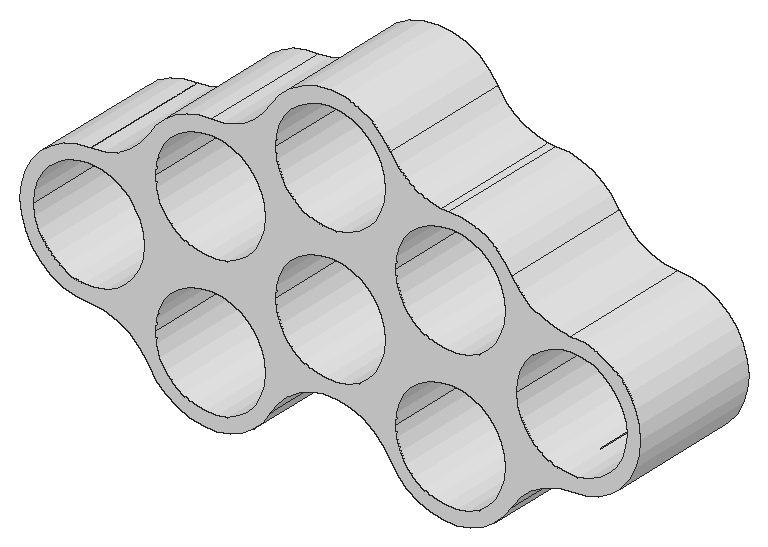
Revit family "Haworth_Cappellini_Cloud_Shelf_AP_PRELIMINARY", category Furniture, Revit 2019
Family settings
  OmniClass Number = 23.40.70.14.64.21.14
  OmniClass Title = Free-Standing Component
  Work Plane-Based = No
  Always vertical = No
  Cut with Voids When Loaded = No
  Shared = No
  Room Calculation Point = No
Parameters (values of type "Cloud Shelf")
  Warranty = "http://www.haworth.com/resources/product-info/warranties"
  Void Offset = 50.8 mm  # constant formula
  URL - Product = "https://www.haworth.com/ap/en/products/cupboards-bookshelves/cloud.html"
  URL = "https://www.haworth.com/ap/en.html"
  Size = "Verify Final Dim. w/ Haworth"  # constant formula
  Shelf Finish [instance] = Haworth _ Polymer _ Snow
  Revision Number = "4"  # constant formula
  Model = "C5_1"  # constant formula
  Manufacturer = "Haworth"  # constant formula
  Description = "Haworth - Cappellini - Cloud - Shelf"  # constant formula
  Author = "Haworth (Hampton, Abd Rahman)"  # constant formula
  Assembly Code = "E2020200"
  Actual Width = 1873.25 mm  # constant formula
  Actual Height = 1047.75 mm  # constant formula
  Actual Depth = 400.05 mm  # constant formula
Reference planes
  plane 1 "Back": y = 0
  plane 2: z = 0
  plane 3 "Left": x = 0
  plane 4 "Right": x = 1873.25
  plane 5 "Center LR": x = 936.625
  plane 6 "Front": y = -400.05
  plane 7 "Center FB": y = -200.025
  plane 8 "Top": z = 1047.75
  plane 9 "Void Back": y = 50.8
  plane 10 "Void Front": y = -450.85
Forms (mm)
  Extrusion 1, solid, material "Haworth _ Polymer _ Snow" <- "Shelf Finish"
    sketch origin (0, 0, 0) x (1, 0, 0) y (0, 0, 1)
      loop
        arc (1115.509, 932.637) -> (936.47, 1035.565) -> (757.288, 932.885) r 207.43
        arc (757.288, 932.885) -> (681.823, 858.607) -> (579.216, 832.454) r 202.932
        arc (579.216, 832.454) -> (472.695, 805.368) -> (394.23, 728.404) r 211.093
        arc (394.23, 728.404) -> (319.932, 654.875) -> (218.978, 627.763) r 204.138
        arc (218.978, 627.763) -> (218.434, 627.763) -> (217.889, 627.765) r 101.6
        arc (217.889, 627.765) -> (8.591, 420.733) -> (216.381, 212.187) r 207.792
        arc (216.381, 212.187) -> (317.452, 184.922) -> (391.391, 110.815) r 202.441
        arc (391.391, 110.815) -> (461.143, 36.955) -> (556.72, 2.519) r 218.994
        arc (556.72, 2.519) -> (673.694, 24.465) -> (758.313, 108.156) r 203.2
        arc (758.313, 108.156) -> (936.551, 214.642) -> (1114.785, 108.148) r 202.405
        arc (1114.785, 108.148) -> (1198.559, 24.897) -> (1314.482, 2.299) r 203.2
        arc (1314.482, 2.299) -> (1411.243, 36.393) -> (1481.859, 110.815) r 218.994
        arc (1481.859, 110.815) -> (1555.798, 184.922) -> (1656.869, 212.187) r 202.441
        arc (1656.869, 212.187) -> (1864.659, 420.733) -> (1655.361, 627.765) r 207.792
        arc (1655.361, 627.765) -> (1654.816, 627.763) -> (1654.272, 627.763) r 101.6
        arc (1654.272, 627.763) -> (1553.318, 654.875) -> (1479.02, 728.404) r 204.138
        arc (1479.02, 728.404) -> (1398.647, 806.428) -> (1289.671, 832.346) r 211.093
        arc (1289.671, 832.346) -> (1276.915, 832.433) -> (1264.211, 833.586) r 152.4
        arc (1264.211, 833.586) -> (1178.389, 865.891) -> (1115.509, 932.637) r 203.2
    from 0 to 400.05
  Extrusion 2, void
    sketch origin (0, 0, 0) x (1, 0, 0) y (0, 0, 1)
      loop
        circle (936.819, 827.084) r 165.1
      loop
        circle (936.819, 421.791) r 165.1
      loop
        circle (577.838, 625.447) r 165.1
      loop
        circle (577.838, 207.703) r 165.1
      loop
        circle (214.899, 421.801) r 165.1
      loop
        circle (1295.412, 625.447) r 165.1
      loop
        circle (1295.412, 207.703) r 165.1
      loop
        circle (1658.351, 421.801) r 165.1
    from -50.8 to 450.85
Cuts and joins
  Extrusion 2 cuts Extrusion 1
Lines and regions (mm)
  Masking region 1
    outline origin (0, 0, 0) x (1, 0, 0) y (0, 1, 0)
      loop
        line (0, 0) -> (0, -400.05) -> (1873.25, -400.05) -> (1873.25, 0) -> (0, 0)
  symbolic lines, detail levels fine
    curve 1: line (50.8, -400.05, 0) -> (50.8, 0, 0)
    curve 2: line (381, -400.05, 0) -> (381, 0, 0)
    curve 3: line (412.75, -400.05, 0) -> (412.75, 0, 0)
    curve 4: line (742.95, -400.05, 0) -> (742.95, 0, 0)
    curve 5: line (774.7, -400.05, 0) -> (774.7, 0, 0)
    curve 6: line (1822.45, -400.05, 0) -> (1822.45, 0, 0)
    curve 7: line (1492.25, -400.05, 0) -> (1492.25, 0, 0)
    curve 8: line (1460.5, -400.05, 0) -> (1460.5, 0, 0)
    curve 9: line (1130.3, -400.05, 0) -> (1130.3, 0, 0)
    curve 10: line (1098.55, -400.05, 0) -> (1098.55, 0, 0)
Dimensions and locks
  equal spacing: plane 6 "Front", plane 7 "Center FB", plane 1 "Back"
  "Actual Depth": plane 6 "Front" to plane 1 "Back"
  "Actual Height": plane 8 "Top" to level
  equal spacing: plane 3 "Left", plane 5 "Center LR", plane 4 "Right"
  "Actual Width": plane 3 "Left" to plane 4 "Right"
  "Void Offset": plane 1 "Back" to plane 9 "Void Back"
  "Void Offset": plane 10 "Void Front" to plane 6 "Front"
  aligned and locked: plane 6 "Front" to Extrusion 1
  aligned and locked: Extrusion 1 to plane 1 "Back"
  aligned and locked: plane 9 "Void Back" to Extrusion 2
  aligned and locked: plane 10 "Void Front" to Extrusion 2
  aligned and locked: plane 3 "Left" to Masking region 1 sketch curve
  aligned and locked: Masking region 1 sketch curve to plane 4 "Right"
  aligned and locked: plane 1 "Back" to Masking region 1 sketch curve
  aligned and locked: Masking region 1 sketch curve to plane 6 "Front"
  aligned and locked: plane 1 "Back" to curve 1
  aligned and locked: plane 1 "Back" to curve 2
  aligned and locked: plane 1 "Back" to curve 3
  aligned and locked: plane 1 "Back" to curve 4
  aligned and locked: plane 1 "Back" to curve 5
  aligned and locked: plane 1 "Back" to curve 10
  aligned and locked: plane 1 "Back" to curve 9
  aligned and locked: plane 1 "Back" to curve 8
  aligned and locked: plane 1 "Back" to curve 7
  aligned and locked: plane 1 "Back" to cut or joined group of Extrusion 1, Extrusion 2
  aligned and locked: plane 6 "Front" to curve 6
  aligned and locked: plane 6 "Front" to curve 7
  aligned and locked: plane 6 "Front" to cut or joined group of Extrusion 1, Extrusion 2
  aligned and locked: plane 6 "Front" to curve 9
  aligned and locked: plane 6 "Front" to curve 10
  aligned and locked: plane 6 "Front" to curve 5
  aligned and locked: plane 6 "Front" to curve 4
  aligned and locked: plane 6 "Front" to curve 3
  aligned and locked: plane 6 "Front" to curve 2
  aligned and locked: plane 6 "Front" to curve 1
Automatic sketch dimensions
  plane 3 "Left" to Extrusion 2 sketch curve = 214.899 mm
  Extrusion 2 sketch curve to plane 5 "Center LR" = 358.787 mm  (x2)
  plane 5 "Center LR" to Extrusion 2 sketch curve = 0.194 mm  (x2)
  plane 5 "Center LR" to Extrusion 2 sketch curve = 358.787 mm  (x2)
  Extrusion 2 sketch curve to plane 4 "Right" = 214.899 mm
  level to Extrusion 2 sketch curve = 207.703 mm  (x2)
  Extrusion 2 sketch curve to Extrusion 2 sketch curve = 214.089 mm
  Extrusion 2 sketch curve to Extrusion 2 sketch curve = 214.099 mm  (x2)
  Extrusion 2 sketch curve to Extrusion 2 sketch curve = 203.656 mm  (x2)
  Extrusion 2 sketch curve to plane 8 "Top" = 220.666 mm
  level to Extrusion 1 sketch curve = 9.747 mm
  plane 3 "Left" to Extrusion 1 sketch curve = 215.983 mm
  plane 3 "Left" to Extrusion 1 sketch curve = 216.381 mm
  Extrusion 1 sketch curve to Extrusion 1 sketch curve = 1.509 mm
  Extrusion 1 sketch curve to Extrusion 1 sketch curve = 0 mm  (x14)
  Extrusion 1 sketch curve to Extrusion 1 sketch curve = 0.383 mm
  Extrusion 1 sketch curve to Extrusion 1 sketch curve = 0.738 mm
  Extrusion 1 sketch curve to Extrusion 1 sketch curve = 1.089 mm  (x2)
  level to Extrusion 1 sketch curve = 110.815 mm
  Extrusion 1 sketch curve to Extrusion 1 sketch curve = 175.01 mm  (x2)
  Extrusion 1 sketch curve to Extrusion 1 sketch curve = 175.603 mm
  level to Extrusion 1 sketch curve = 2.519 mm
  Extrusion 1 sketch curve to Extrusion 1 sketch curve = 165.329 mm
  Extrusion 1 sketch curve to Extrusion 1 sketch curve = 181.953 mm  (x2)
  Extrusion 1 sketch curve to Extrusion 1 sketch curve = 3.034 mm
  Extrusion 1 sketch curve to Extrusion 1 sketch curve = 1.761 mm
  Extrusion 1 sketch curve to plane 8 "Top" = 12.385 mm
  Extrusion 1 sketch curve to Extrusion 1 sketch curve = 2.916 mm
  Extrusion 1 sketch curve to plane 5 "Center LR" = 179.337 mm
  level to Extrusion 1 sketch curve = 108.156 mm
  Extrusion 1 sketch curve to plane 5 "Center LR" = 178.312 mm
  Extrusion 1 sketch curve to plane 5 "Center LR" = 0.299 mm
  Extrusion 1 sketch curve to plane 5 "Center LR" = 0.078 mm
  level to Extrusion 1 sketch curve = 108.148 mm
  plane 5 "Center LR" to Extrusion 1 sketch curve = 178.16 mm
  plane 5 "Center LR" to Extrusion 1 sketch curve = 178.884 mm
  Extrusion 1 sketch curve to Extrusion 1 sketch curve = 148.702 mm
  Extrusion 1 sketch curve to plane 8 "Top" = 63.098 mm
  Extrusion 1 sketch curve to Extrusion 1 sketch curve = 20.12 mm
  Extrusion 1 sketch curve to Extrusion 1 sketch curve = 25.46 mm
  Extrusion 1 sketch curve to Extrusion 1 sketch curve = 177.325 mm
  Extrusion 1 sketch curve to Extrusion 1 sketch curve = 1.613 mm
  Extrusion 1 sketch curve to Extrusion 1 sketch curve = 7.396 mm
  level to Extrusion 1 sketch curve = 2.299 mm
  Extrusion 1 sketch curve to Extrusion 1 sketch curve = 20.758 mm
  Extrusion 1 sketch curve to Extrusion 1 sketch curve = 167.377 mm
  Extrusion 1 sketch curve to Extrusion 1 sketch curve = 175.251 mm
  Extrusion 1 sketch curve to Extrusion 1 sketch curve = 0.351 mm
  Extrusion 1 sketch curve to Extrusion 1 sketch curve = 0.354 mm
  plane 6 "Front" to curve 8 = 0 mm
  plane 1 "Back" to curve 6 = 0 mm
  curve 7 to curve 6 = 330.2 mm
  curve 8 to curve 7 = 31.75 mm
  plane 5 "Center LR" to curve 9 = 193.675 mm
  curve 10 to curve 9 = 31.75 mm
  curve 5 to plane 5 "Center LR" = 161.925 mm
  curve 4 to curve 5 = 31.75 mm
  curve 3 to curve 4 = 330.2 mm
  curve 2 to curve 3 = 31.75 mm
  plane 3 "Left" to curve 1 = 50.8 mm
  curve 9 to curve 8 = 330.2 mm
  radius of Extrusion 2 sketch curve = 165.1 mm  (x8)
